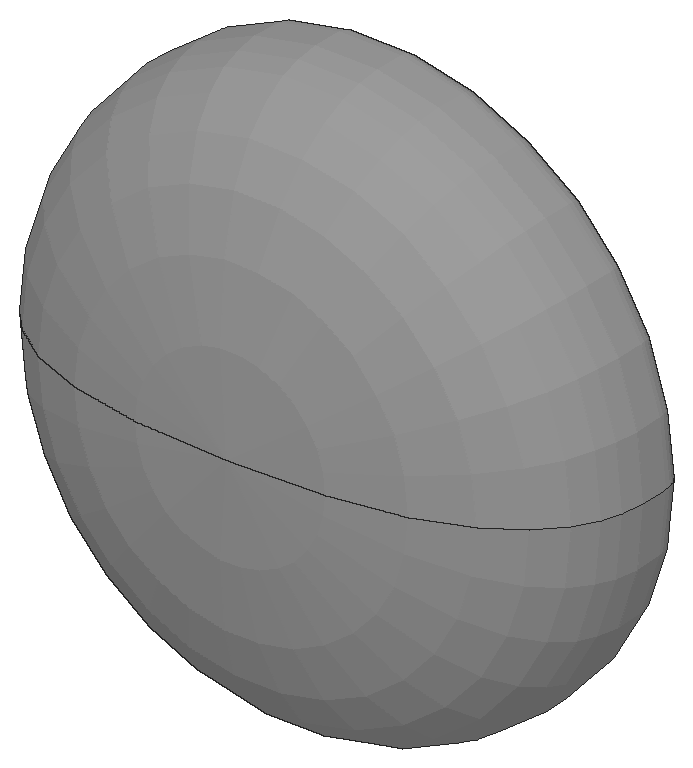
Revit family "2045-11", category Lighting Fixtures, Revit 2016
Family settings
  Part Type = Normal
  Round Connector Dimension = Use Diameter
  OmniClass Number = 23.80.70.00
  OmniClass Title = Lighting
  Work Plane-Based = No
  Always vertical = Yes
  Cut with Voids When Loaded = No
  Light Source = Yes
  Shared = No
  Room Calculation Point = No
Parameters
  Wattage = 12.1178 W
  built-in parameter 1150110 = 1 (stored number, unit not read)
  built-in parameter 1114217 = 1 (stored number, unit not read)
  built-in parameter 1150109 = 1 (stored number, unit not read)
  built-in parameter 1150134 = (empty or 0)
  built-in parameter 1150113 = 1 (stored number, unit not read)
  Lumens = 1800 lm
  built-in parameter 1150115 = 1 (stored number, unit not read)
  built-in parameter 1150105 = 143.24 (stored number, unit not read)
  Light Source Symbol Size = 2' - 0"
  built-in parameter 1150137 = (empty or 0)
  built-in parameter 1150139 = (empty or 0)
  built-in parameter 1150112 = 1 (stored number, unit not read)
  built-in parameter 1150114 = 1 (stored number, unit not read)
  built-in parameter 1150132 = 2
  built-in parameter 1150102 = (empty or 0)
  built-in parameter 1150138 = (empty or 0)
  built-in parameter 1150107 = 3000 (stored number, unit not read)
  built-in parameter 1150106 = 1.4324 (stored number, unit not read)
  built-in parameter 1150104 = 13.8 (stored number, unit not read)
  Dimming Lamp Color Temperature Shift = (empty or 0)
  Color Filter = 16777215
  built-in parameter 1114218 = 1 (stored number, unit not read)
  built-in parameter 1150133 = 10 (stored number, unit not read)
Reference planes (in)
  plane 1 "Light Source Axis (F/B)": y = 0
  plane 2: z = 0
  plane 3 "Light Source Axis (L/R)": x = 0
  plane 4 "Light Source Elevation": z = -0.1221
Forms (in)
  Revolve 1, solid
    sketch origin (0, 0, 0) x (1, 0, 0) y (0, 1, 0)
      loop
        line (0, -0.14864) -> (4.2, -0.14864) -> (4.2, 0.75) -> (0, 0.75) -> (0, -0.14864)
      axis (0, -0.14864) -> (0, 0.75)
    angle from 0 to 360
  Revolve 2, solid, material "Acrylic-Brownlee"
    sketch origin (0, 0, 0) x (1, 0, 0) y (0, 1, 0)
      loop
        line (-4.2, 0) -> (-4.8678, 0)
        spline (-4.8678, 0) -> (-5.66766, -0.23544) -> (-5.75782, -0.65185) -> (-5.76941, -0.95157) -> (-5.76739, -1.17644) -> (-5.73078, -1.41984) -> (-5.63555, -1.7668) -> (-5.42541, -2.21438) -> (-5.02477, -2.70693) -> (-4.35777, -3.18813) -> (-3.34855, -3.6016) -> (-1.92125, -3.89101) -> (0, -4)
        line (0, -4) -> (0, 0) -> (-4.2, 0)
      axis (0, 0) -> (0, -4)
    angle from 0 to 360
Dimensions and locks (in)
  aligned and locked: plane 4 "Light Source Elevation" to imposter light
  aligned and locked: level to plane 2
